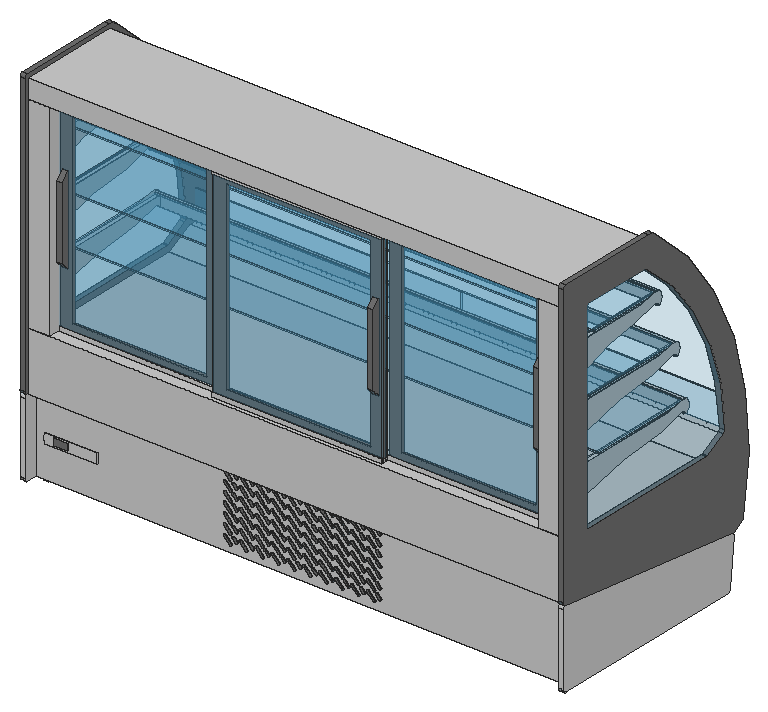
Revit family "QF_INFRICO_VBR18DS_250814024348", category Specialty Equipment, Revit 2021
Family settings
  Round Connector Dimension = Use Diameter
  Part Type = Normal
  OmniClass Number = 23.40.40.14
  OmniClass Title = Food Service Equipment
  Work Plane-Based = No
  Always vertical = Yes
  Cut with Voids When Loaded = No
  Shared = No
  Room Calculation Point = No
Parameters (values of type "VBR18DS")
  Weight [instance] = 0.00 kg
  Warranty Start Date [instance] = ""
  Warranty Duration [instance] = ""
  Volts [instance] = 230 V
  Volt Free Conn [instance] = no
  URL Recommended Spares List [instance] = ""
  URL Manufacturer [instance] = ""
  URL Cutsheet [instance] = ""
  URL Critical Spares List [instance] = ""
  URL = "www.infrico.com"
  Technical Documentation [instance] = ""
  Tag Number [instance] = ""
  Status [instance] = ""
  Start Up Current [instance] = 0 A
  Specification by User [instance] = ""
  Specification by Manufacturer [instance] = ""
  Sound Level [instance] = ""
  Show Logo [instance] = yes
  Show Clearances [instance] = yes
  Service Life Duration [instance] = ""
  Serial Number [instance] = ""
  Seismic Rating [instance] = ""
  SMACNA No [instance] = ""
  Revision Code [instance] = ""
  Revision [instance] = ""
  Production Year [instance] = ""
  Potential Equalisation [instance] = no
  Point Load [instance] = 0
  Phase [instance] = 1
  Other Equipment Approvals [instance] = ""
  Operational Current [instance] = 0 A
  Number of Poles [instance] = 2
  No Load Power Draw [instance] = no
  NAFEM Spec ID Number [instance] = ""
  Model Warning [instance] = ""
  Model = "VBR18DS"
  Min Ckt Ampacity [instance] = 0 A
  Max Overcurrent Protection [instance] = 0 A
  Masterspec [instance] = ""
  Manufacturer = "INFRICO"
  Main switch integrated [instance] = no
  Length Actual [instance] = 1875.028 mm
  Item Number [instance] = ""
  Installed By [instance] = ""
  Installation Date [instance] = ""
  Identify Quantity as Lot [instance] = no
  ID [instance] = ""
  Hygiene Approval [instance] = ""
  Height Actual [instance] = 1299.972 mm
  HP power [instance] = ""
  Furnished By [instance] = ""
  Foodservice Equipment Identifier [instance] = no
  FL Amps [instance] = 0 A
  Electrical Remarks [instance] = ""
  Electric power [instance] = 1640 W
  Electric Connection Type [instance] = ""
  Elec Conn RI Height [instance] = 0 mm
  Elec Conn Connection Height [instance] = 0 mm
  ETL Approved [instance] = no
  Description = "AMBAR SERIES - DOUBLE SERVICE PASTRY DISPLAY CASE - R452"
  Depth Actual [instance] = 810.006 mm
  Default Elevation = 0 mm
  Cycle [instance] = 50 Hz
  Cost = 0
  Connection to energy optimisation system [instance] = yes
  Conn Plug [instance] = ""
  Conn Conduit [instance] = no
  Centralized building control system with digital interface [instance] = ""
  CSI MasterFormat [instance] = ""
  CE Approved [instance] = no
  Barcode [instance] = 0
  Author [instance] = ""
  Asset Identifier [instance] = ""
  Apparent Power [instance] = 1640 VA
  Accessory [instance] = no
Reference planes
  plane 1 "Center (Front/Back)": y = 0
  plane 2: z = 0
  plane 3 "Center (Left/Right)": x = 0
Forms (mm)
  Extrusion 1, solid, not visible
    sketch origin (0, 0, 2) x (1, 0, 0) y (0, 1, 0)
      loop
        line (-2, 2) -> (-2, -2) -> (2, -2) -> (2, 2) -> (-2, 2)
    from -2 to 2
Dimensions and locks
  locked: nested 2 to Extrusion 1 at 2  (x2)
  aligned and locked: level to plane 2
Nested families
  nested 1: "QF_INFRICO_VBR18DS_2920" at (0, 0, 0), type "VBR18DS"
    with Weight 0.00 kg, Warranty Start Date "", Warranty Duration "", URL Cutsheet "", Technical Documentation "", Tag Number "", Status "", Specification by User "", Specification by Manufacturer "", Sound Level "", Solid Fuel Type "", Show Logo yes, Show Clearances yes, Show Clearance yes, Service Life Duration "", Serial Number "", Seismic Rating "", SMACNA No "", Revision Code "", Revision "", Production Year "", Point Load 0, Other Equipment Approvals "", NAFEM Spec ID Number "", Model Warning "", Masterspec "", Length Actual 1875.028 mm, Item Number "", Installed By "", Installation Date "", Identify Quantity as Lot yes, ID "", Hygiene Approval "", Height Actual 1299.972 mm, Furnished By "", Foodservice Equipment Identifier yes, Finish none, ETL Approved yes, Depth Actual 810.006 mm, CSI MasterFormat "", CE Approved no, Barcode "", Author "", Asset Identifier "", Accessory no
  nested 2: "CONN_POINT_ELE_2D___Generic_Annotation" at (0, 0, 0), type "CONN_POINT_ELE_2D___Generic_Annotation"
    with Onboard connection annotation symbol visibility yes
Connectors
  electrical at (0, 0, 0), driven by "Apparent Power", driven by "Number of Poles", driven by "Volts"
    settings: on Extrusion 1, index 1, voltage 230 V, apparent load 0 VA, apparent load phase1 1640 VA, apparent load phase2 0 VA, apparent load phase3 0 VA, power factor 1, load classification "Other", number of poles 2, system type 31, power factor state 1, is connector primary yes, connector utility no, sub classification motor no, connector description "Electrical connection for VBR18DS"
Definition of nested family "QF_INFRICO_VBR18DS_2920"
  Parameters (values of type "VBR18DS")
    Weight [instance] = 0.00 kg
    Warranty Start Date [instance] = ""
    Warranty Duration [instance] = ""
    URL Cutsheet [instance] = ""
    URL = "www.infrico.com"
    Technical Documentation [instance] = ""
    Tag Number [instance] = ""
    Status [instance] = ""
    Specification by User [instance] = ""
    Specification by Manufacturer [instance] = ""
    Sound Level [instance] = ""
    Solid Fuel Type [instance] = ""
    Show Logo [instance] = yes
    Show Clearances [instance] = yes
    Show Clearance [instance] = yes
    Service Life Duration [instance] = ""
    Serial Number [instance] = ""
    Seismic Rating [instance] = ""
    SMACNA No [instance] = ""
    Revision Code [instance] = ""
    Revision [instance] = ""
    Production Year [instance] = ""
    Point Load [instance] = 0
    Other Equipment Approvals [instance] = ""
    NAFEM Spec ID Number [instance] = ""
    Model Warning [instance] = ""
    Model = "VBR18DS"
    Masterspec [instance] = ""
    Manufacturer = "INFRICO"
    Length Actual [instance] = 0 mm
    Item Number [instance] = ""
    Installed By [instance] = ""
    Installation Date [instance] = ""
    Identify Quantity as Lot [instance] = yes
    ID [instance] = ""
    Hygiene Approval [instance] = ""
    Height Actual [instance] = 0 mm
    Furnished By [instance] = ""
    Foodservice Equipment Identifier [instance] = yes
    Finish [instance] = none
    ETL Approved [instance] = yes
    Description = "AMBAR SERIES - DOUBLE SERVICE PASTRY DISPLAY CASE - R452"
    Depth Actual [instance] = 0 mm
    Default Elevation = 0 mm
    CSI MasterFormat [instance] = ""
    CE Approved [instance] = yes
    Barcode [instance] = ""
    Author [instance] = ""
    Asset Identifier [instance] = ""
    Assembly Code = "E1090320"
    Accessory [instance] = yes
  Reference planes
    plane 1 "Back": y = 0
    plane 2: z = 0
    plane 3 "Left": x = 0
    plane 4 "Right": x = 1875
    plane 5 "Front": y = -810
    plane 6 "Top": z = 1300
  Forms (mm)
    Extrusion 1, solid
      sketch origin (-18, -810.003, 0) x (0, -1, 0) y (0, 0, -1)
        loop
          line (-100, -1190) -> (-100, -498)
          arc (-100, -498) -> (-102.929, -490.929) -> (-110, -488) r 10
          line (-110, -488) -> (-627, -488)
          arc (-627, -488) -> (-629.55, -488.252) -> (-632, -489) r 13
          line (-632, -489) -> (-702, -529)
          arc (-702, -529) -> (-705.756, -532.802) -> (-707, -538) r 9.937
          arc (-707, -538) -> (-606.573, -907.925) -> (-356, -1198) r 864.001
          arc (-356, -1198) -> (-353.158, -1199.473) -> (-350, -1200) r 10.273
          line (-350, -1200) -> (-110, -1200)
          arc (-110, -1200) -> (-102.929, -1197.071) -> (-100, -1190) r 10
      from 0 to 18
    Extrusion 2, solid
      sketch origin (-18, -810.003, 0) x (0, -1, 0) y (0, 0, -1)
        loop
          arc (-110, -1200) -> (-102.929, -1197.071) -> (-100, -1190) r 10
          line (-100, -1190) -> (-100, -498)
          arc (-100, -498) -> (-102.929, -490.929) -> (-110, -488) r 10
          line (-110, -488) -> (-627, -488)
          arc (-627, -488) -> (-629.55, -488.252) -> (-632, -489) r 13
          line (-632, -489) -> (-702, -529)
          arc (-702, -529) -> (-705.756, -532.802) -> (-707, -538) r 9.937
          arc (-707, -538) -> (-606.573, -907.925) -> (-356, -1198) r 864.001
          arc (-356, -1198) -> (-353.158, -1199.473) -> (-350, -1200) r 10.273
          line (-350, -1200) -> (-110, -1200)
        loop
          arc (-739, -197) -> (-742.074, -197.055) -> (-745, -198) r 10.476
          line (-745, -198) -> (-782, -219)
          arc (-782, -219) -> (-785.127, -222.608) -> (-787, -227) r 15.422
          arc (-787, -227) -> (-745, -815.202) -> (-398, -1292) r 1070.947
          arc (-398, -1292) -> (-385.08, -1297.958) -> (-371, -1300) r 49.563
          line (-371, -1300) -> (-10, -1300)
          arc (-10, -1300) -> (-2.929, -1297.071) -> (0, -1290) r 10
          line (0, -1290) -> (0, -302)
          arc (0, -302) -> (-2.651, -295.335) -> (-9, -292) r 10.337
          line (-9, -292) -> (-739, -197)
      from 0 to 18
    Extrusion 3, solid
      sketch origin (1875, -810.003, 0) x (0, -1, 0) y (0, 0, -1)
        loop
          line (-100, -1190) -> (-100, -498)
          arc (-100, -498) -> (-102.929, -490.929) -> (-110, -488) r 10
          line (-110, -488) -> (-627, -488)
          arc (-627, -488) -> (-629.55, -488.252) -> (-632, -489) r 13
          line (-632, -489) -> (-702, -529)
          arc (-702, -529) -> (-705.756, -532.802) -> (-707, -538) r 9.937
          arc (-707, -538) -> (-606.573, -907.925) -> (-356, -1198) r 864.001
          arc (-356, -1198) -> (-353.158, -1199.473) -> (-350, -1200) r 10.273
          line (-350, -1200) -> (-110, -1200)
          arc (-110, -1200) -> (-102.929, -1197.071) -> (-100, -1190) r 10
      from 0 to 18
    Extrusion 4, solid
      sketch origin (1875, -810.003, 0) x (0, -1, 0) y (0, 0, -1)
        loop
          arc (-110, -1200) -> (-102.929, -1197.071) -> (-100, -1190) r 10
          line (-100, -1190) -> (-100, -498)
          arc (-100, -498) -> (-102.929, -490.929) -> (-110, -488) r 10
          line (-110, -488) -> (-627, -488)
          arc (-627, -488) -> (-629.55, -488.252) -> (-632, -489) r 13
          line (-632, -489) -> (-702, -529)
          arc (-702, -529) -> (-705.756, -532.802) -> (-707, -538) r 9.937
          arc (-707, -538) -> (-606.573, -907.925) -> (-356, -1198) r 864.001
          arc (-356, -1198) -> (-353.158, -1199.473) -> (-350, -1200) r 10.273
          line (-350, -1200) -> (-110, -1200)
        loop
          arc (-739, -197) -> (-742.074, -197.055) -> (-745, -198) r 10.476
          line (-745, -198) -> (-782, -219)
          arc (-782, -219) -> (-785.127, -222.608) -> (-787, -227) r 15.422
          arc (-787, -227) -> (-745, -815.202) -> (-398, -1292) r 1070.947
          arc (-398, -1292) -> (-385.08, -1297.958) -> (-371, -1300) r 49.563
          line (-371, -1300) -> (-10, -1300)
          arc (-10, -1300) -> (-2.929, -1297.071) -> (0, -1290) r 10
          line (0, -1290) -> (0, -302)
          arc (0, -302) -> (-2.651, -295.335) -> (-9, -292) r 10.337
          line (-9, -292) -> (-739, -197)
      from 0 to 18
    Extrusion 5, solid, material <- "Finish"
      sketch origin (0, -810.003, -1) x (0, -1, 0) y (0, 0, -1)
        loop
          line (-739, -198) -> (-9, -293)
          arc (-9, -293) -> (-2.391, -289.898) -> (0, -283) r 9.392
          line (0, -283) -> (0, -29)
          arc (0, -29) -> (-2.929, -21.929) -> (-10, -19) r 10
          line (-10, -19) -> (-718, -19)
          arc (-718, -19) -> (-725.332, -22.2) -> (-727.972, -29.752) r 10
          line (-727.972, -29.752) -> (-746, -188)
          arc (-746, -188) -> (-744.394, -194.326) -> (-739, -198) r 9.212
      from -18 to 0
    Extrusion 6, solid, material <- "Finish"
      sketch origin (1893, -810.003, -1) x (0, -1, 0) y (0, 0, -1)
        loop
          line (-739, -198) -> (-9, -293)
          arc (-9, -293) -> (-2.391, -289.898) -> (0, -283) r 9.392
          line (0, -283) -> (0, -29)
          arc (0, -29) -> (-2.929, -21.929) -> (-10, -19) r 10
          line (-10, -19) -> (-718, -19)
          arc (-718, -19) -> (-725.332, -22.2) -> (-727.972, -29.752) r 10
          line (-727.972, -29.752) -> (-746, -188)
          arc (-746, -188) -> (-744.394, -194.326) -> (-739, -198) r 9.212
      from -18 to 0
    Extrusion 7, solid
      sketch origin (0, -750.003, 9) x (1, 0, 0) y (0, 1, 0)
        loop
          line (0, -0.02) -> (40, -0.02) -> (40, 39.98) -> (0, 39.98) -> (0, -0.02)
      from 0 to 9
    Extrusion 8, solid
      sketch origin (0, -170.003, 9) x (1, 0, 0) y (0, 1, 0)
        loop
          line (0, -0.02) -> (40, -0.02) -> (40, 39.98) -> (0, 39.98) -> (0, -0.02)
      from 0 to 9
    Extrusion 9, solid
      sketch origin (-898.549, 112.977, 0) x (-1, 0, 0) y (0, -1, 0)
        loop
          line (-903.549, 843) -> (-911.049, 855.99) -> (-926.049, 855.99) -> (-933.549, 843) -> (-926.049, 830.01) -> (-911.049, 830.01) -> (-903.549, 843)
      from 0 to 9
    Extrusion 10, solid
      sketch origin (-898.549, 692.977, 0) x (-1, 0, 0) y (0, -1, 0)
        loop
          line (-903.549, 843) -> (-911.049, 855.99) -> (-926.049, 855.99) -> (-933.549, 843) -> (-926.049, 830.01) -> (-911.049, 830.01) -> (-903.549, 843)
      from 0 to 9
    Extrusion 11, solid
      sketch origin (1835, -750.003, 9) x (1, 0, 0) y (0, 1, 0)
        loop
          line (0, -0.02) -> (40, -0.02) -> (40, 39.98) -> (0, 39.98) -> (0, -0.02)
      from 0 to 9
    Extrusion 12, solid
      sketch origin (1835, -170.003, 9) x (1, 0, 0) y (0, 1, 0)
        loop
          line (0, -0.02) -> (40, -0.02) -> (40, 39.98) -> (0, 39.98) -> (0, -0.02)
      from 0 to 9
    Extrusion 13, solid
      sketch origin (936.451, 112.977, 0) x (-1, 0, 0) y (0, -1, 0)
        loop
          line (-903.549, 843) -> (-911.049, 855.99) -> (-926.049, 855.99) -> (-933.549, 843) -> (-926.049, 830.01) -> (-911.049, 830.01) -> (-903.549, 843)
      from 0 to 9
    Extrusion 14, solid
      sketch origin (936.451, 692.977, 0) x (-1, 0, 0) y (0, -1, 0)
        loop
          line (-903.549, 843) -> (-911.049, 855.99) -> (-926.049, 855.99) -> (-933.549, 843) -> (-926.049, 830.01) -> (-911.049, 830.01) -> (-903.549, 843)
      from 0 to 9
    Extrusion 15, solid
      sketch origin (0, -810.003, 0) x (0, -1, 0) y (0, 0, -1)
        loop
          line (-59.98, -18) -> (-679.98, -18) -> (-679.98, -293) -> (-59.98, -293) -> (-59.98, -18)
      from 0 to 40
    Extrusion 16, solid
      sketch origin (1835, -810.003, 0) x (0, -1, 0) y (0, 0, -1)
        loop
          line (-59.98, -18) -> (-679.98, -18) -> (-679.98, -293) -> (-59.98, -293) -> (-59.98, -18)
      from 0 to 40
    Extrusion 17, solid
      sketch origin (0, -810.003, 0) x (0, -1, 0) y (0, 0, -1)
        loop
          line (-59.98, -18) -> (-59.98, -293) -> (-44.98, -293) -> (-44.98, -18) -> (-59.98, -18)
      from 0 to 1875
    Extrusion 18, solid
      sketch origin (0, -810.003, 0) x (0, -1, 0) y (0, 0, -1)
        loop
          line (-679.98, -278) -> (-679.98, -38) -> (-719.98, -38) -> (-719.98, -278) -> (-679.98, -278)
      from 0 to 40
    Extrusion 19, solid
      sketch origin (1835, -810.003, 0) x (0, -1, 0) y (0, 0, -1)
        loop
          line (-679.98, -278) -> (-679.98, -38) -> (-719.98, -38) -> (-719.98, -278) -> (-679.98, -278)
      from 0 to 40
    Extrusion 20, solid
      sketch origin (0, -810.003, 0) x (0, -1, 0) y (0, 0, -1)
        loop
          line (-9.98, -293) -> (-759.98, -293) -> (-759.98, -471) -> (-747.98, -471) -> (-747.98, -448) -> (-70.98, -448) -> (-70.98, -502) -> (-9.98, -502) -> (-9.98, -293)
      from 0 to 1875
    Extrusion 21, solid
      sketch origin (0, -810.003, 0) x (0, -1, 0) y (0, 0, -1)
        loop
          line (-747.98, -471) -> (-741.98, -471) -> (-741.98, -515) -> (-719.98, -515) -> (-628.98, -468) -> (-628.98, -448) -> (-630.98, -448) -> (-630.98, -466.782) -> (-720.466, -513) -> (-739.98, -513) -> (-739.98, -469) -> (-747.98, -469) -> (-747.98, -471)
      from 0 to 1875
    Extrusion 22, solid
      sketch origin (0, -810.003, 0) x (0, -1, 0) y (0, 0, -1)
        loop
          line (-626.98, -448) -> (-626.98, -469) -> (-121.98, -469) -> (-121.98, -448) -> (-626.98, -448)
      from 0 to 1875
    Extrusion 23, solid
      sketch origin (0, -810.003, 0) x (0, -1, 0) y (0, 0, -1)
        loop
          line (-110.98, -448) -> (-110.98, -1222) -> (-70.98, -1222) -> (-70.98, -448) -> (-110.98, -448)
      from 0 to 50
    Extrusion 24, solid
      sketch origin (1825, -810.003, 0) x (0, -1, 0) y (0, 0, -1)
        loop
          line (-110.98, -448) -> (-110.98, -1222) -> (-70.98, -1222) -> (-70.98, -448) -> (-110.98, -448)
      from 0 to 50
    Extrusion 25, solid
      sketch origin (0, -810.003, 0) x (0, -1, 0) y (0, 0, -1)
        loop
          line (-9.98, -502) -> (-70.98, -502) -> (-70.98, -1222) -> (-9.98, -1222) -> (-9.98, -502)
      from 0 to 78
    Extrusion 26, solid
      sketch origin (1797, -810.003, 0) x (0, -1, 0) y (0, 0, -1)
        loop
          line (-9.98, -502) -> (-70.98, -502) -> (-70.98, -1222) -> (-9.98, -1222) -> (-9.98, -502)
      from 0 to 78
    Extrusion 27, solid
      sketch origin (0, -810.003, 0) x (0, -1, 0) y (0, 0, -1)
        loop
          line (-9.98, -1288) -> (-9.98, -1222) -> (-288.98, -1222) -> (-288.98, -1276) -> (-353.98, -1276) -> (-353.98, -1260.029) -> (-372.98, -1241.029) -> (-372.98, -1229) -> (-354.98, -1229) -> (-354.98, -1217) -> (-384.98, -1217) -> (-384.98, -1246) -> (-365.98, -1265) -> (-365.98, -1288) -> (-9.98, -1288)
      from 0 to 1875
    Extrusion 28, solid
      sketch origin (0, -810.003, 0) x (0, -1, 0) y (0, 0, -1)
        loop
          line (-741.98, -471) -> (-747.98, -471) -> (-747.98, -621) -> (-741.98, -621) -> (-741.98, -471)
      from 0 to 937.5
    Extrusion 29, solid
      sketch origin (747, -705.936, 48.526) x (0, -1, 0) y (0, 0, -1)
        loop
          line (80.087, -1157.474) -> (80.087, -1163.474) -> (62.087, -1163.474) -> (62.087, -1157.474) -> (59.087, -1157.474) -> (59.087, -1173.474) -> (62.087, -1173.474) -> (62.087, -1166.474) -> (68.087, -1166.474) -> (68.087, -1173.474) -> (74.087, -1173.474) -> (74.087, -1166.474) -> (80.087, -1166.474) -> (80.087, -1173.474) -> (83.087, -1173.474) -> (83.087, -1157.474) -> (80.087, -1157.474)
      from -107 to 488
    Extrusion 30, solid
      sketch origin (747, -705.936, 48.526) x (0, -1, 0) y (0, 0, -1)
        loop
          line (80.087, -1163.474) -> (80.087, -463.474) -> (75.087, -463.474) -> (75.087, -1163.474) -> (80.087, -1163.474)
      from -107 to 488
    Extrusion 31, solid
      sketch origin (747, -692.936, 48.526) x (0, -1, 0) y (0, 0, -1)
        loop
          line (80.087, -1163.474) -> (80.087, -463.474) -> (75.087, -463.474) -> (75.087, -1163.474) -> (80.087, -1163.474)
      from -107 to 488
    Extrusion 32, solid
      sketch origin (1747, -705.936, 48.526) x (1, 0, 0) y (0, 0, -1)
        loop
          line (-1107, -1163.474) -> (-512, -1163.474) -> (-512, -463.474) -> (-1107, -463.474) -> (-1107, -1163.474)
        loop
          line (-557, -488.474) -> (-1062, -488.474) -> (-1062, -1138.474) -> (-557, -1138.474) -> (-557, -488.474)
      from -75.087 to -67.087
    Extrusion 33, solid
      sketch origin (78, -679.936, 48.526) x (0, -1, 0) y (0, 0, -1)
        loop
          line (80.087, -1157.474) -> (80.087, -1163.474) -> (62.087, -1163.474) -> (62.087, -1157.474) -> (59.087, -1157.474) -> (59.087, -1173.474) -> (62.087, -1173.474) -> (62.087, -1166.474) -> (68.087, -1166.474) -> (68.087, -1173.474) -> (74.087, -1173.474) -> (74.087, -1166.474) -> (80.087, -1166.474) -> (80.087, -1173.474) -> (83.087, -1173.474) -> (83.087, -1157.474) -> (80.087, -1157.474)
      from 0 to 562
    Extrusion 34, solid
      sketch origin (78, -679.936, 48.526) x (0, -1, 0) y (0, 0, -1)
        loop
          line (80.087, -1163.474) -> (80.087, -463.474) -> (75.087, -463.474) -> (75.087, -1163.474) -> (80.087, -1163.474)
      from 0 to 562
    Extrusion 35, solid
      sketch origin (78, -666.936, 48.526) x (0, -1, 0) y (0, 0, -1)
        loop
          line (80.087, -1163.474) -> (80.087, -463.474) -> (75.087, -463.474) -> (75.087, -1163.474) -> (80.087, -1163.474)
      from 0 to 562
    Extrusion 36, solid
      sketch origin (1078, -679.936, 48.526) x (1, 0, 0) y (0, 0, -1)
        loop
          line (-1000, -1163.474) -> (-438, -1163.474) -> (-438, -463.474) -> (-1000, -463.474) -> (-1000, -1163.474)
        loop
          line (-483, -488.474) -> (-955, -488.474) -> (-955, -1138.474) -> (-483, -1138.474) -> (-483, -488.474)
      from -75.087 to -67.087
    Extrusion 37, solid
      sketch origin (732, -705.936, 1675.474) x (0, -1, 0) y (0, 0, -1)
        loop
          line (80.087, 1157.474) -> (83.087, 1157.474) -> (83.087, 1173.474) -> (80.087, 1173.474) -> (80.087, 1166.474) -> (74.087, 1166.474) -> (74.087, 1173.474) -> (68.087, 1173.474) -> (68.087, 1166.474) -> (62.087, 1166.474) -> (62.087, 1173.474) -> (59.087, 1173.474) -> (59.087, 1157.474) -> (62.087, 1157.474) -> (62.087, 1163.474) -> (80.087, 1163.474) -> (80.087, 1157.474)
      from -92 to 503
    Extrusion 38, solid
      sketch origin (78, -679.936, 1675.474) x (0, -1, 0) y (0, 0, -1)
        loop
          line (80.087, 1157.474) -> (83.087, 1157.474) -> (83.087, 1173.474) -> (80.087, 1173.474) -> (80.087, 1166.474) -> (74.087, 1166.474) -> (74.087, 1173.474) -> (68.087, 1173.474) -> (68.087, 1166.474) -> (62.087, 1166.474) -> (62.087, 1173.474) -> (59.087, 1173.474) -> (59.087, 1157.474) -> (62.087, 1157.474) -> (62.087, 1163.474) -> (80.087, 1163.474) -> (80.087, 1157.474)
      from 0 to 562
    Extrusion 39, solid
      sketch origin (-510, -1507.887, 385.642) x (0, -0.939923, 0.341387) y (0, -0.341387, -0.939923)
        loop
          line (-1441.281, -155.749) -> (-1438.55, -163.269) -> (-1412.756, -181.562) -> (-1410.024, -189.081) -> (-1408.109, -188.385) -> (-1411.111, -180.118) -> (-1436.703, -162.496) -> (-1439.401, -155.067) -> (-1441.281, -155.749)
        loop
          line (-1423.188, -205.565) -> (-1420.457, -213.085) -> (-1394.662, -231.378) -> (-1391.931, -238.897) -> (-1390.015, -238.201) -> (-1393.018, -229.934) -> (-1418.61, -212.312) -> (-1421.308, -204.883) -> (-1423.188, -205.565)
        loop
          line (-1405.094, -255.381) -> (-1402.363, -262.901) -> (-1376.569, -281.194) -> (-1373.837, -288.713) -> (-1371.922, -288.017) -> (-1374.924, -279.75) -> (-1400.516, -262.128) -> (-1403.214, -254.698) -> (-1405.094, -255.381)
        loop
          line (-1387.001, -305.197) -> (-1384.27, -312.717) -> (-1358.475, -331.01) -> (-1355.744, -338.529) -> (-1353.828, -337.833) -> (-1356.831, -329.566) -> (-1382.423, -311.944) -> (-1385.121, -304.514) -> (-1387.001, -305.197)
      from 550 to 2345
    Extrusion 40, solid
      sketch origin (3, -810.003, 87) x (0, -1, 0) y (0, 0, -1)
        loop
          line (-110.98, -498) -> (-126.98, -498)
          arc (-126.98, -498) -> (-289.514, -532.928) -> (-454.98, -549) r 1448.355
          line (-454.98, -549) -> (-547.98, -574)
          arc (-547.98, -574) -> (-550.743, -573.659) -> (-552.98, -572) r 5.461
          line (-552.98, -572) -> (-560.98, -562)
          arc (-560.98, -562) -> (-563.98, -560.5) -> (-566.98, -562) r 3.75
          arc (-566.98, -562) -> (-573.98, -583) -> (-566.98, -604) r 35
          arc (-566.98, -604) -> (-565.216, -605.472) -> (-562.98, -606) r 5
          line (-562.98, -606) -> (-544.98, -606) -> (-487.98, -595) -> (-110.98, -595) -> (-110.98, -498)
      from 0 to 2
    Extrusion 41, solid
      sketch origin (3, -810.003, 283) x (0, -1, 0) y (0, 0, -1)
        loop
          line (-110.98, -498) -> (-126.98, -498)
          arc (-126.98, -498) -> (-269.288, -533.055) -> (-414.98, -549) r 1106.867
          line (-414.98, -549) -> (-507.98, -574)
          arc (-507.98, -574) -> (-510.743, -573.659) -> (-512.98, -572) r 5.461
          line (-512.98, -572) -> (-520.98, -562)
          arc (-520.98, -562) -> (-523.98, -560.5) -> (-526.98, -562) r 3.75
          arc (-526.98, -562) -> (-533.98, -583) -> (-526.98, -604) r 35
          arc (-526.98, -604) -> (-525.216, -605.472) -> (-522.98, -606) r 5
          line (-522.98, -606) -> (-504.98, -606) -> (-447.98, -595) -> (-110.98, -595) -> (-110.98, -498)
      from 0 to 2
    Extrusion 42, solid
      sketch origin (3, -810.003, 479) x (0, -1, 0) y (0, 0, -1)
        loop
          line (-110.98, -498) -> (-126.98, -498)
          arc (-126.98, -498) -> (-228.381, -534.099) -> (-334.98, -549) r 530.828
          line (-334.98, -549) -> (-427.98, -574)
          arc (-427.98, -574) -> (-430.743, -573.659) -> (-432.98, -572) r 5.461
          line (-432.98, -572) -> (-440.98, -562)
          arc (-440.98, -562) -> (-443.98, -560.5) -> (-446.98, -562) r 3.75
          arc (-446.98, -562) -> (-453.98, -583) -> (-446.98, -604) r 35
          arc (-446.98, -604) -> (-445.216, -605.472) -> (-442.98, -606) r 5
          line (-442.98, -606) -> (-424.98, -606) -> (-367.98, -595) -> (-110.98, -595) -> (-110.98, -498)
      from 0 to 2
    Extrusion 43, solid
      sketch origin (0, -810.003, 0) x (0, -1, 0) y (0, 0, -1)
        loop
          line (-183.98, -682) -> (-558.98, -682) -> (-558.98, -688) -> (-183.98, -688) -> (-183.98, -682)
      from 5 to 1870
    Extrusion 44, solid
      sketch origin (0, -850.003, 196) x (0, -1, 0) y (0, 0, -1)
        loop
          line (-183.98, -682) -> (-558.98, -682) -> (-558.98, -688) -> (-183.98, -688) -> (-183.98, -682)
      from 5 to 1870
    Extrusion 45, solid
      sketch origin (0, -830.003, 392) x (0, -1, 0) y (0, 0, -1)
        loop
          line (-183.98, -682) -> (-458.98, -682) -> (-458.98, -688) -> (-183.98, -688) -> (-183.98, -682)
      from 5 to 1870
    Extrusion 46, solid
      sketch origin (0, -810.003, 0) x (0, -1, 0) y (0, 0, -1)
        loop
          arc (-566.98, -691) -> (-565.216, -692.472) -> (-562.98, -693) r 5
          arc (-562.98, -693) -> (-561.498, -690.693) -> (-560.98, -688) r 7.25
          line (-560.98, -688) -> (-560.98, -649)
          arc (-560.98, -649) -> (-563.98, -647.5) -> (-566.98, -649) r 3.75
          arc (-566.98, -649) -> (-573.98, -670) -> (-566.98, -691) r 35
      from 5 to 1870
    Extrusion 47, solid
      sketch origin (0, -850.003, 196) x (0, -1, 0) y (0, 0, -1)
        loop
          arc (-566.98, -691) -> (-565.216, -692.472) -> (-562.98, -693) r 5
          arc (-562.98, -693) -> (-561.498, -690.693) -> (-560.98, -688) r 7.25
          line (-560.98, -688) -> (-560.98, -649)
          arc (-560.98, -649) -> (-563.98, -647.5) -> (-566.98, -649) r 3.75
          arc (-566.98, -649) -> (-573.98, -670) -> (-566.98, -691) r 35
      from 5 to 1870
    Extrusion 48, solid
      sketch origin (0, -930.003, 392) x (0, -1, 0) y (0, 0, -1)
        loop
          arc (-566.98, -691) -> (-565.216, -692.472) -> (-562.98, -693) r 5
          arc (-562.98, -693) -> (-561.498, -690.693) -> (-560.98, -688) r 7.25
          line (-560.98, -688) -> (-560.98, -649)
          arc (-560.98, -649) -> (-563.98, -647.5) -> (-566.98, -649) r 3.75
          arc (-566.98, -649) -> (-573.98, -670) -> (-566.98, -691) r 35
      from 5 to 1870
    Extrusion 49, solid
      sketch origin (21, -810.003, 479) x (0, -1, 0) y (0, 0, -1)
        loop
          line (-110.98, -498) -> (-126.98, -498)
          arc (-126.98, -498) -> (-228.381, -534.099) -> (-334.98, -549) r 530.828
          line (-334.98, -549) -> (-427.98, -574)
          arc (-427.98, -574) -> (-430.743, -573.659) -> (-432.98, -572) r 5.461
          line (-432.98, -572) -> (-440.98, -562) -> (-440.98, -595) -> (-110.98, -595) -> (-110.98, -498)
      from 0 to 2
    Extrusion 50, solid
      sketch origin (0, -810.003, 0) x (0, -1, 0) y (0, 0, -1)
        loop
          line (-110.98, -1074) -> (-110.98, -1072) -> (-440.98, -1072) -> (-440.98, -1074) -> (-110.98, -1074)
      from 5 to 21
    Extrusion 51, solid
      sketch origin (21, -810.003, 283) x (0, -1, 0) y (0, 0, -1)
        loop
          line (-110.98, -498) -> (-126.98, -498)
          arc (-126.98, -498) -> (-269.288, -533.055) -> (-414.98, -549) r 1106.867
          line (-414.98, -549) -> (-507.98, -574)
          arc (-507.98, -574) -> (-510.743, -573.659) -> (-512.98, -572) r 5.461
          line (-512.98, -572) -> (-520.98, -562) -> (-520.98, -595) -> (-110.98, -595) -> (-110.98, -498)
      from 0 to 2
    Extrusion 52, solid
      sketch origin (0, -810.003, -196) x (0, -1, 0) y (0, 0, -1)
        loop
          line (-110.98, -1074) -> (-110.98, -1072) -> (-520.98, -1072) -> (-520.98, -1074) -> (-110.98, -1074)
      from 5 to 21
    Extrusion 53, solid
      sketch origin (21, -810.003, 87) x (0, -1, 0) y (0, 0, -1)
        loop
          line (-110.98, -498) -> (-126.98, -498)
          arc (-126.98, -498) -> (-289.514, -532.928) -> (-454.98, -549) r 1448.355
          line (-454.98, -549) -> (-547.98, -574)
          arc (-547.98, -574) -> (-550.743, -573.659) -> (-552.98, -572) r 5.461
          line (-552.98, -572) -> (-560.98, -562) -> (-560.98, -595) -> (-110.98, -595) -> (-110.98, -498)
      from 0 to 2
    Extrusion 54, solid
      sketch origin (0, -810.003, -392) x (0, -1, 0) y (0, 0, -1)
        loop
          line (-110.98, -1074) -> (-110.98, -1072) -> (-560.98, -1072) -> (-560.98, -1074) -> (-110.98, -1074)
      from 5 to 21
    Extrusion 55, solid
      sketch origin (1872, -810.003, 87) x (0, -1, 0) y (0, 0, 1)
        loop
          line (-110.98, 498) -> (-110.98, 595) -> (-487.98, 595) -> (-544.98, 606) -> (-562.98, 606)
          arc (-562.98, 606) -> (-565.216, 605.472) -> (-566.98, 604) r 5
          arc (-566.98, 604) -> (-573.98, 583) -> (-566.98, 562) r 35
          arc (-566.98, 562) -> (-563.98, 560.5) -> (-560.98, 562) r 3.75
          line (-560.98, 562) -> (-552.98, 572)
          arc (-552.98, 572) -> (-550.743, 573.659) -> (-547.98, 574) r 5.461
          line (-547.98, 574) -> (-454.98, 549)
          arc (-454.98, 549) -> (-289.514, 532.928) -> (-126.98, 498) r 1448.355
          line (-126.98, 498) -> (-110.98, 498)
      from 0 to 2
    Extrusion 56, solid
      sketch origin (1872, -810.003, 283) x (0, -1, 0) y (0, 0, 1)
        loop
          line (-110.98, 498) -> (-110.98, 595) -> (-447.98, 595) -> (-504.98, 606) -> (-522.98, 606)
          arc (-522.98, 606) -> (-525.216, 605.472) -> (-526.98, 604) r 5
          arc (-526.98, 604) -> (-533.98, 583) -> (-526.98, 562) r 35
          arc (-526.98, 562) -> (-523.98, 560.5) -> (-520.98, 562) r 3.75
          line (-520.98, 562) -> (-512.98, 572)
          arc (-512.98, 572) -> (-510.743, 573.659) -> (-507.98, 574) r 5.461
          line (-507.98, 574) -> (-414.98, 549)
          arc (-414.98, 549) -> (-269.288, 533.055) -> (-126.98, 498) r 1106.867
          line (-126.98, 498) -> (-110.98, 498)
      from 0 to 2
    Extrusion 57, solid
      sketch origin (1872, -810.003, 479) x (0, -1, 0) y (0, 0, 1)
        loop
          line (-110.98, 498) -> (-110.98, 595) -> (-367.98, 595) -> (-424.98, 606) -> (-442.98, 606)
          arc (-442.98, 606) -> (-445.216, 605.472) -> (-446.98, 604) r 5
          arc (-446.98, 604) -> (-453.98, 583) -> (-446.98, 562) r 35
          arc (-446.98, 562) -> (-443.98, 560.5) -> (-440.98, 562) r 3.75
          line (-440.98, 562) -> (-432.98, 572)
          arc (-432.98, 572) -> (-430.743, 573.659) -> (-427.98, 574) r 5.461
          line (-427.98, 574) -> (-334.98, 549)
          arc (-334.98, 549) -> (-228.381, 534.099) -> (-126.98, 498) r 530.828
          line (-126.98, 498) -> (-110.98, 498)
      from 0 to 2
    Extrusion 58, solid
      sketch origin (1854, -810.003, 479) x (0, -1, 0) y (0, 0, 1)
        loop
          line (-110.98, 498) -> (-110.98, 595) -> (-440.98, 595) -> (-440.98, 562) -> (-432.98, 572)
          arc (-432.98, 572) -> (-430.743, 573.659) -> (-427.98, 574) r 5.461
          line (-427.98, 574) -> (-334.98, 549)
          arc (-334.98, 549) -> (-228.381, 534.099) -> (-126.98, 498) r 530.828
          line (-126.98, 498) -> (-110.98, 498)
      from 0 to 2
    Extrusion 59, solid
      sketch origin (1875, -810.003, 0) x (0, -1, 0) y (0, 0, 1)
        loop
          line (-110.98, 1074) -> (-440.98, 1074) -> (-440.98, 1072) -> (-110.98, 1072) -> (-110.98, 1074)
      from 5 to 21
    Extrusion 60, solid
      sketch origin (1854, -810.003, 283) x (0, -1, 0) y (0, 0, 1)
        loop
          line (-110.98, 498) -> (-110.98, 595) -> (-520.98, 595) -> (-520.98, 562) -> (-512.98, 572)
          arc (-512.98, 572) -> (-510.743, 573.659) -> (-507.98, 574) r 5.461
          line (-507.98, 574) -> (-414.98, 549)
          arc (-414.98, 549) -> (-269.288, 533.055) -> (-126.98, 498) r 1106.867
          line (-126.98, 498) -> (-110.98, 498)
      from 0 to 2
    Extrusion 61, solid
      sketch origin (1875, -810.003, -196) x (0, -1, 0) y (0, 0, 1)
        loop
          line (-110.98, 1074) -> (-520.98, 1074) -> (-520.98, 1072) -> (-110.98, 1072) -> (-110.98, 1074)
      from 5 to 21
    Extrusion 62, solid
      sketch origin (1854, -810.003, 87) x (0, -1, 0) y (0, 0, 1)
        loop
          line (-110.98, 498) -> (-110.98, 595) -> (-560.98, 595) -> (-560.98, 562) -> (-552.98, 572)
          arc (-552.98, 572) -> (-550.743, 573.659) -> (-547.98, 574) r 5.461
          line (-547.98, 574) -> (-454.98, 549)
          arc (-454.98, 549) -> (-289.514, 532.928) -> (-126.98, 498) r 1448.355
          line (-126.98, 498) -> (-110.98, 498)
      from 0 to 2
    Extrusion 63, solid
      sketch origin (1875, -810.003, -392) x (0, -1, 0) y (0, 0, 1)
        loop
          line (-110.98, 1074) -> (-560.98, 1074) -> (-560.98, 1072) -> (-110.98, 1072) -> (-110.98, 1074)
      from 5 to 21
    Extrusion 64, solid
      sketch origin (0, -810.003, 0) x (0, -1, 0) y (0, 0, -1)
        loop
          line (-59.98, -18) -> (-99.98, -18) -> (-99.98, -38) -> (-59.98, -38) -> (-59.98, -18)
      from 40 to 1835
    Extrusion 65, solid
      sketch origin (0, -230.003, 0) x (0, -1, 0) y (0, 0, -1)
        loop
          line (-59.98, -18) -> (-99.98, -18) -> (-99.98, -38) -> (-59.98, -38) -> (-59.98, -18)
      from 40 to 1835
    Extrusion 66, solid, material <- "Finish"
      sketch origin (0, -810.003, 0) x (0, -1, 0) y (0, 0, -1)
        loop
          line (-769.98, -438) -> (-759.945, -218.229) -> (-778.925, -217.362) -> (-788.96, -437.133) -> (-769.98, -438)
      from 0 to 1875
    Extrusion 67, solid
      sketch origin (0, -810.003, 0) x (0, -1, 0) y (0, 0, -1)
        loop
          line (-747.98, -471) -> (-759.98, -471) -> (-789.173, -441.806) -> (-788.489, -426.822) -> (-790.487, -426.731) -> (-791.212, -442.597) -> (-760.808, -473) -> (-747.98, -473) -> (-747.98, -471)
      from 0 to 1875
    Extrusion 68, solid
      sketch origin (1955.876, -765.123, -1.698) x (-1, 0, 0) y (0, 0, 1)
        loop
          line (1272.976, 42.364) -> (1294.896, 64.284)
          arc (1294.896, 64.284) -> (1294.896, 70.648) -> (1288.532, 70.648) r 4.5
          line (1288.532, 70.648) -> (1266.612, 48.728)
          arc (1266.612, 48.728) -> (1266.612, 42.364) -> (1272.976, 42.364) r 4.5
        loop
          line (1252.219, 55.335) -> (1263.532, 66.648)
          arc (1263.532, 66.648) -> (1263.532, 73.012) -> (1257.168, 73.012) r 4.5
          line (1257.168, 73.012) -> (1245.855, 61.698)
          arc (1245.855, 61.698) -> (1245.855, 55.335) -> (1252.219, 55.335) r 4.5
        loop
          line (1272.976, 76.364) -> (1294.896, 98.284)
          arc (1294.896, 98.284) -> (1294.896, 104.648) -> (1288.532, 104.648) r 4.5
          line (1288.532, 104.648) -> (1266.612, 82.728)
          arc (1266.612, 82.728) -> (1266.612, 76.364) -> (1272.976, 76.364) r 4.5
        loop
          line (1252.219, 89.335) -> (1263.532, 100.648)
          arc (1263.532, 100.648) -> (1263.532, 107.012) -> (1257.168, 107.012) r 4.5
          line (1257.168, 107.012) -> (1245.855, 95.698)
          arc (1245.855, 95.698) -> (1245.855, 89.335) -> (1252.219, 89.335) r 4.5
        loop
          line (1272.976, 110.364) -> (1294.896, 132.284)
          arc (1294.896, 132.284) -> (1294.896, 138.648) -> (1288.532, 138.648) r 4.5
          line (1288.532, 138.648) -> (1266.612, 116.728)
          arc (1266.612, 116.728) -> (1266.612, 110.364) -> (1272.976, 110.364) r 4.5
        loop
          line (1252.219, 123.335) -> (1263.532, 134.648)
          arc (1263.532, 134.648) -> (1263.532, 141.012) -> (1257.168, 141.012) r 4.5
          line (1257.168, 141.012) -> (1245.855, 129.698)
          arc (1245.855, 129.698) -> (1245.855, 123.335) -> (1252.219, 123.335) r 4.5
        loop
          line (1272.976, 144.364) -> (1294.896, 166.284)
          arc (1294.896, 166.284) -> (1294.896, 172.648) -> (1288.532, 172.648) r 4.5
          line (1288.532, 172.648) -> (1266.612, 150.728)
          arc (1266.612, 150.728) -> (1266.612, 144.364) -> (1272.976, 144.364) r 4.5
        loop
          line (1252.219, 157.335) -> (1263.532, 168.648)
          arc (1263.532, 168.648) -> (1263.532, 175.012) -> (1257.168, 175.012) r 4.5
          line (1257.168, 175.012) -> (1245.855, 163.698)
          arc (1245.855, 163.698) -> (1245.855, 157.335) -> (1252.219, 157.335) r 4.5
        loop
          line (1272.976, 178.364) -> (1294.896, 200.284)
          arc (1294.896, 200.284) -> (1294.896, 206.648) -> (1288.532, 206.648) r 4.5
          line (1288.532, 206.648) -> (1266.612, 184.728)
          arc (1266.612, 184.728) -> (1266.612, 178.364) -> (1272.976, 178.364) r 4.5
        loop
          line (1252.219, 191.335) -> (1263.532, 202.648)
          arc (1263.532, 202.648) -> (1263.532, 209.012) -> (1257.168, 209.012) r 4.5
          line (1257.168, 209.012) -> (1245.855, 197.698)
          arc (1245.855, 197.698) -> (1245.855, 191.335) -> (1252.219, 191.335) r 4.5
        loop
          line (1272.976, 212.364) -> (1294.896, 234.284)
          arc (1294.896, 234.284) -> (1294.896, 240.648) -> (1288.532, 240.648) r 4.5
          line (1288.532, 240.648) -> (1266.612, 218.728)
          arc (1266.612, 218.728) -> (1266.612, 212.364) -> (1272.976, 212.364) r 4.5
        loop
          line (1252.219, 225.335) -> (1263.532, 236.648)
          arc (1263.532, 236.648) -> (1263.532, 243.012) -> (1257.168, 243.012) r 4.5
          line (1257.168, 243.012) -> (1245.855, 231.698)
          arc (1245.855, 231.698) -> (1245.855, 225.335) -> (1252.219, 225.335) r 4.5
        loop
          line (1272.976, 246.364) -> (1294.896, 268.284)
          arc (1294.896, 268.284) -> (1294.896, 274.648) -> (1288.532, 274.648) r 4.5
          line (1288.532, 274.648) -> (1266.612, 252.728)
          arc (1266.612, 252.728) -> (1266.612, 246.364) -> (1272.976, 246.364) r 4.5
        loop
          line (1252.219, 259.335) -> (1263.532, 270.648)
          arc (1263.532, 270.648) -> (1263.532, 277.012) -> (1257.168, 277.012) r 4.5
          line (1257.168, 277.012) -> (1245.855, 265.698)
          arc (1245.855, 265.698) -> (1245.855, 259.335) -> (1252.219, 259.335) r 4.5
        loop
          line (1216.976, 42.364) -> (1238.896, 64.284)
          arc (1238.896, 64.284) -> (1238.896, 70.648) -> (1232.532, 70.648) r 4.5
          line (1232.532, 70.648) -> (1210.612, 48.728)
          arc (1210.612, 48.728) -> (1210.612, 42.364) -> (1216.976, 42.364) r 4.5
        loop
          line (1196.219, 55.335) -> (1207.532, 66.648)
          arc (1207.532, 66.648) -> (1207.532, 73.012) -> (1201.168, 73.012) r 4.5
          line (1201.168, 73.012) -> (1189.855, 61.698)
          arc (1189.855, 61.698) -> (1189.855, 55.335) -> (1196.219, 55.335) r 4.5
        loop
          line (1216.976, 76.364) -> (1238.896, 98.284)
          arc (1238.896, 98.284) -> (1238.896, 104.648) -> (1232.532, 104.648) r 4.5
          line (1232.532, 104.648) -> (1210.612, 82.728)
          arc (1210.612, 82.728) -> (1210.612, 76.364) -> (1216.976, 76.364) r 4.5
        loop
          line (1196.219, 89.335) -> (1207.532, 100.648)
          arc (1207.532, 100.648) -> (1207.532, 107.012) -> (1201.168, 107.012) r 4.5
          line (1201.168, 107.012) -> (1189.855, 95.698)
          arc (1189.855, 95.698) -> (1189.855, 89.335) -> (1196.219, 89.335) r 4.5
        loop
          line (1216.976, 110.364) -> (1238.896, 132.284)
          arc (1238.896, 132.284) -> (1238.896, 138.648) -> (1232.532, 138.648) r 4.5
          line (1232.532, 138.648) -> (1210.612, 116.728)
          arc (1210.612, 116.728) -> (1210.612, 110.364) -> (1216.976, 110.364) r 4.5
        loop
          line (1196.219, 123.335) -> (1207.532, 134.648)
          arc (1207.532, 134.648) -> (1207.532, 141.012) -> (1201.168, 141.012) r 4.5
          line (1201.168, 141.012) -> (1189.855, 129.698)
          arc (1189.855, 129.698) -> (1189.855, 123.335) -> (1196.219, 123.335) r 4.5
        loop
          line (1216.976, 144.364) -> (1238.896, 166.284)
          arc (1238.896, 166.284) -> (1238.896, 172.648) -> (1232.532, 172.648) r 4.5
          line (1232.532, 172.648) -> (1210.612, 150.728)
          arc (1210.612, 150.728) -> (1210.612, 144.364) -> (1216.976, 144.364) r 4.5
        loop
          line (1196.219, 157.335) -> (1207.532, 168.648)
          arc (1207.532, 168.648) -> (1207.532, 175.012) -> (1201.168, 175.012) r 4.5
          line (1201.168, 175.012) -> (1189.855, 163.698)
          arc (1189.855, 163.698) -> (1189.855, 157.335) -> (1196.219, 157.335) r 4.5
        loop
          line (1216.976, 178.364) -> (1238.896, 200.284)
          arc (1238.896, 200.284) -> (1238.896, 206.648) -> (1232.532, 206.648) r 4.5
          line (1232.532, 206.648) -> (1210.612, 184.728)
          arc (1210.612, 184.728) -> (1210.612, 178.364) -> (1216.976, 178.364) r 4.5
        loop
          line (1196.219, 191.335) -> (1207.532, 202.648)
          arc (1207.532, 202.648) -> (1207.532, 209.012) -> (1201.168, 209.012) r 4.5
          line (1201.168, 209.012) -> (1189.855, 197.698)
          arc (1189.855, 197.698) -> (1189.855, 191.335) -> (1196.219, 191.335) r 4.5
        loop
          line (1216.976, 212.364) -> (1238.896, 234.284)
          arc (1238.896, 234.284) -> (1238.896, 240.648) -> (1232.532, 240.648) r 4.5
          line (1232.532, 240.648) -> (1210.612, 218.728)
          arc (1210.612, 218.728) -> (1210.612, 212.364) -> (1216.976, 212.364) r 4.5
        loop
          line (1196.219, 225.335) -> (1207.532, 236.648)
          arc (1207.532, 236.648) -> (1207.532, 243.012) -> (1201.168, 243.012) r 4.5
          line (1201.168, 243.012) -> (1189.855, 231.698)
          arc (1189.855, 231.698) -> (1189.855, 225.335) -> (1196.219, 225.335) r 4.5
        loop
          line (1216.976, 246.364) -> (1238.896, 268.284)
          arc (1238.896, 268.284) -> (1238.896, 274.648) -> (1232.532, 274.648) r 4.5
          line (1232.532, 274.648) -> (1210.612, 252.728)
          arc (1210.612, 252.728) -> (1210.612, 246.364) -> (1216.976, 246.364) r 4.5
        loop
          line (1196.219, 259.335) -> (1207.532, 270.648)
          arc (1207.532, 270.648) -> (1207.532, 277.012) -> (1201.168, 277.012) r 4.5
          line (1201.168, 277.012) -> (1189.855, 265.698)
          arc (1189.855, 265.698) -> (1189.855, 259.335) -> (1196.219, 259.335) r 4.5
        loop
          line (1160.976, 42.364) -> (1182.896, 64.284)
          arc (1182.896, 64.284) -> (1182.896, 70.648) -> (1176.532, 70.648) r 4.5
          line (1176.532, 70.648) -> (1154.612, 48.728)
          arc (1154.612, 48.728) -> (1154.612, 42.364) -> (1160.976, 42.364) r 4.5
        loop
          line (1140.219, 55.335) -> (1151.532, 66.648)
          arc (1151.532, 66.648) -> (1151.532, 73.012) -> (1145.168, 73.012) r 4.5
          line (1145.168, 73.012) -> (1133.855, 61.698)
          arc (1133.855, 61.698) -> (1133.855, 55.335) -> (1140.219, 55.335) r 4.5
        loop
          line (1160.976, 76.364) -> (1182.896, 98.284)
          arc (1182.896, 98.284) -> (1182.896, 104.648) -> (1176.532, 104.648) r 4.5
          line (1176.532, 104.648) -> (1154.612, 82.728)
          arc (1154.612, 82.728) -> (1154.612, 76.364) -> (1160.976, 76.364) r 4.5
        loop
          line (1140.219, 89.335) -> (1151.532, 100.648)
          arc (1151.532, 100.648) -> (1151.532, 107.012) -> (1145.168, 107.012) r 4.5
          line (1145.168, 107.012) -> (1133.855, 95.698)
          arc (1133.855, 95.698) -> (1133.855, 89.335) -> (1140.219, 89.335) r 4.5
        loop
          line (1160.976, 110.364) -> (1182.896, 132.284)
          arc (1182.896, 132.284) -> (1182.896, 138.648) -> (1176.532, 138.648) r 4.5
          line (1176.532, 138.648) -> (1154.612, 116.728)
          arc (1154.612, 116.728) -> (1154.612, 110.364) -> (1160.976, 110.364) r 4.5
        loop
          line (1140.219, 123.335) -> (1151.532, 134.648)
          arc (1151.532, 134.648) -> (1151.532, 141.012) -> (1145.168, 141.012) r 4.5
          line (1145.168, 141.012) -> (1133.855, 129.698)
          arc (1133.855, 129.698) -> (1133.855, 123.335) -> (1140.219, 123.335) r 4.5
        loop
          line (1160.976, 144.364) -> (1182.896, 166.284)
          arc (1182.896, 166.284) -> (1182.896, 172.648) -> (1176.532, 172.648) r 4.5
          line (1176.532, 172.648) -> (1154.612, 150.728)
          arc (1154.612, 150.728) -> (1154.612, 144.364) -> (1160.976, 144.364) r 4.5
        loop
          line (1140.219, 157.335) -> (1151.532, 168.648)
          arc (1151.532, 168.648) -> (1151.532, 175.012) -> (1145.168, 175.012) r 4.5
          line (1145.168, 175.012) -> (1133.855, 163.698)
          arc (1133.855, 163.698) -> (1133.855, 157.335) -> (1140.219, 157.335) r 4.5
        loop
          line (1160.976, 178.364) -> (1182.896, 200.284)
          arc (1182.896, 200.284) -> (1182.896, 206.648) -> (1176.532, 206.648) r 4.5
          line (1176.532, 206.648) -> (1154.612, 184.728)
          arc (1154.612, 184.728) -> (1154.612, 178.364) -> (1160.976, 178.364) r 4.5
        loop
          line (1140.219, 191.335) -> (1151.532, 202.648)
          arc (1151.532, 202.648) -> (1151.532, 209.012) -> (1145.168, 209.012) r 4.5
          line (1145.168, 209.012) -> (1133.855, 197.698)
          arc (1133.855, 197.698) -> (1133.855, 191.335) -> (1140.219, 191.335) r 4.5
        loop
          line (1160.976, 212.364) -> (1182.896, 234.284)
          arc (1182.896, 234.284) -> (1182.896, 240.648) -> (1176.532, 240.648) r 4.5
          line (1176.532, 240.648) -> (1154.612, 218.728)
          arc (1154.612, 218.728) -> (1154.612, 212.364) -> (1160.976, 212.364) r 4.5
        loop
          line (1140.219, 225.335) -> (1151.532, 236.648)
          arc (1151.532, 236.648) -> (1151.532, 243.012) -> (1145.168, 243.012) r 4.5
          line (1145.168, 243.012) -> (1133.855, 231.698)
          arc (1133.855, 231.698) -> (1133.855, 225.335) -> (1140.219, 225.335) r 4.5
        loop
          line (1160.976, 246.364) -> (1182.896, 268.284)
          arc (1182.896, 268.284) -> (1182.896, 274.648) -> (1176.532, 274.648) r 4.5
          line (1176.532, 274.648) -> (1154.612, 252.728)
          arc (1154.612, 252.728) -> (1154.612, 246.364) -> (1160.976, 246.364) r 4.5
        loop
          line (1140.219, 259.335) -> (1151.532, 270.648)
          arc (1151.532, 270.648) -> (1151.532, 277.012) -> (1145.168, 277.012) r 4.5
          line (1145.168, 277.012) -> (1133.855, 265.698)
          arc (1133.855, 265.698) -> (1133.855, 259.335) -> (1140.219, 259.335) r 4.5
        loop
          line (1104.976, 42.364) -> (1126.896, 64.284)
          arc (1126.896, 64.284) -> (1126.896, 70.648) -> (1120.532, 70.648) r 4.5
          line (1120.532, 70.648) -> (1098.612, 48.728)
          arc (1098.612, 48.728) -> (1098.612, 42.364) -> (1104.976, 42.364) r 4.5
        loop
          line (1084.219, 55.335) -> (1095.532, 66.648)
          arc (1095.532, 66.648) -> (1095.532, 73.012) -> (1089.168, 73.012) r 4.5
          line (1089.168, 73.012) -> (1077.855, 61.698)
          arc (1077.855, 61.698) -> (1077.855, 55.335) -> (1084.219, 55.335) r 4.5
        loop
          line (1104.976, 76.364) -> (1126.896, 98.284)
          arc (1126.896, 98.284) -> (1126.896, 104.648) -> (1120.532, 104.648) r 4.5
          line (1120.532, 104.648) -> (1098.612, 82.728)
          arc (1098.612, 82.728) -> (1098.612, 76.364) -> (1104.976, 76.364) r 4.5
        loop
          line (1084.219, 89.335) -> (1095.532, 100.648)
          arc (1095.532, 100.648) -> (1095.532, 107.012) -> (1089.168, 107.012) r 4.5
          line (1089.168, 107.012) -> (1077.855, 95.698)
          arc (1077.855, 95.698) -> (1077.855, 89.335) -> (1084.219, 89.335) r 4.5
        loop
          line (1104.976, 110.364) -> (1126.896, 132.284)
          arc (1126.896, 132.284) -> (1126.896, 138.648) -> (1120.532, 138.648) r 4.5
          line (1120.532, 138.648) -> (1098.612, 116.728)
          arc (1098.612, 116.728) -> (1098.612, 110.364) -> (1104.976, 110.364) r 4.5
        loop
          line (1084.219, 123.335) -> (1095.532, 134.648)
          arc (1095.532, 134.648) -> (1095.532, 141.012) -> (1089.168, 141.012) r 4.5
          line (1089.168, 141.012) -> (1077.855, 129.698)
          arc (1077.855, 129.698) -> (1077.855, 123.335) -> (1084.219, 123.335) r 4.5
        loop
          line (1104.976, 144.364) -> (1126.896, 166.284)
          arc (1126.896, 166.284) -> (1126.896, 172.648) -> (1120.532, 172.648) r 4.5
          line (1120.532, 172.648) -> (1098.612, 150.728)
          arc (1098.612, 150.728) -> (1098.612, 144.364) -> (1104.976, 144.364) r 4.5
        loop
          line (1084.219, 157.335) -> (1095.532, 168.648)
          arc (1095.532, 168.648) -> (1095.532, 175.012) -> (1089.168, 175.012) r 4.5
          line (1089.168, 175.012) -> (1077.855, 163.698)
          arc (1077.855, 163.698) -> (1077.855, 157.335) -> (1084.219, 157.335) r 4.5
        loop
          line (1104.976, 178.364) -> (1126.896, 200.284)
          arc (1126.896, 200.284) -> (1126.896, 206.648) -> (1120.532, 206.648) r 4.5
          line (1120.532, 206.648) -> (1098.612, 184.728)
          arc (1098.612, 184.728) -> (1098.612, 178.364) -> (1104.976, 178.364) r 4.5
        loop
          line (1084.219, 191.335) -> (1095.532, 202.648)
          arc (1095.532, 202.648) -> (1095.532, 209.012) -> (1089.168, 209.012) r 4.5
          line (1089.168, 209.012) -> (1077.855, 197.698)
          arc (1077.855, 197.698) -> (1077.855, 191.335) -> (1084.219, 191.335) r 4.5
        loop
          line (1104.976, 212.364) -> (1126.896, 234.284)
          arc (1126.896, 234.284) -> (1126.896, 240.648) -> (1120.532, 240.648) r 4.5
          line (1120.532, 240.648) -> (1098.612, 218.728)
          arc (1098.612, 218.728) -> (1098.612, 212.364) -> (1104.976, 212.364) r 4.5
        loop
          line (1084.219, 225.335) -> (1095.532, 236.648)
          arc (1095.532, 236.648) -> (1095.532, 243.012) -> (1089.168, 243.012) r 4.5
          line (1089.168, 243.012) -> (1077.855, 231.698)
          arc (1077.855, 231.698) -> (1077.855, 225.335) -> (1084.219, 225.335) r 4.5
        loop
          line (1104.976, 246.364) -> (1126.896, 268.284)
          arc (1126.896, 268.284) -> (1126.896, 274.648) -> (1120.532, 274.648) r 4.5
          line (1120.532, 274.648) -> (1098.612, 252.728)
          arc (1098.612, 252.728) -> (1098.612, 246.364) -> (1104.976, 246.364) r 4.5
        loop
          line (1084.219, 259.335) -> (1095.532, 270.648)
          arc (1095.532, 270.648) -> (1095.532, 277.012) -> (1089.168, 277.012) r 4.5
          line (1089.168, 277.012) -> (1077.855, 265.698)
          arc (1077.855, 265.698) -> (1077.855, 259.335) -> (1084.219, 259.335) r 4.5
        loop
          line (1048.976, 42.364) -> (1070.896, 64.284)
          arc (1070.896, 64.284) -> (1070.896, 70.648) -> (1064.532, 70.648) r 4.5
          line (1064.532, 70.648) -> (1042.612, 48.728)
          arc (1042.612, 48.728) -> (1042.612, 42.364) -> (1048.976, 42.364) r 4.5
        loop
          line (1028.219, 55.335) -> (1039.532, 66.648)
          arc (1039.532, 66.648) -> (1039.532, 73.012) -> (1033.168, 73.012) r 4.5
          line (1033.168, 73.012) -> (1021.855, 61.698)
          arc (1021.855, 61.698) -> (1021.855, 55.335) -> (1028.219, 55.335) r 4.5
        loop
          line (1048.976, 76.364) -> (1070.896, 98.284)
          arc (1070.896, 98.284) -> (1070.896, 104.648) -> (1064.532, 104.648) r 4.5
          line (1064.532, 104.648) -> (1042.612, 82.728)
          arc (1042.612, 82.728) -> (1042.612, 76.364) -> (1048.976, 76.364) r 4.5
        loop
          line (1028.219, 89.335) -> (1039.532, 100.648)
          arc (1039.532, 100.648) -> (1039.532, 107.012) -> (1033.168, 107.012) r 4.5
          line (1033.168, 107.012) -> (1021.855, 95.698)
          arc (1021.855, 95.698) -> (1021.855, 89.335) -> (1028.219, 89.335) r 4.5
        loop
          line (1048.976, 110.364) -> (1070.896, 132.284)
          arc (1070.896, 132.284) -> (1070.896, 138.648) -> (1064.532, 138.648) r 4.5
          line (1064.532, 138.648) -> (1042.612, 116.728)
          arc (1042.612, 116.728) -> (1042.612, 110.364) -> (1048.976, 110.364) r 4.5
        loop
          line (1028.219, 123.335) -> (1039.532, 134.648)
          arc (1039.532, 134.648) -> (1039.532, 141.012) -> (1033.168, 141.012) r 4.5
          line (1033.168, 141.012) -> (1021.855, 129.698)
          arc (1021.855, 129.698) -> (1021.855, 123.335) -> (1028.219, 123.335) r 4.5
        loop
          line (1048.976, 144.364) -> (1070.896, 166.284)
          arc (1070.896, 166.284) -> (1070.896, 172.648) -> (1064.532, 172.648) r 4.5
          line (1064.532, 172.648) -> (1042.612, 150.728)
          arc (1042.612, 150.728) -> (1042.612, 144.364) -> (1048.976, 144.364) r 4.5
        loop
          line (1028.219, 157.335) -> (1039.532, 168.648)
          arc (1039.532, 168.648) -> (1039.532, 175.012) -> (1033.168, 175.012) r 4.5
          line (1033.168, 175.012) -> (1021.855, 163.698)
          arc (1021.855, 163.698) -> (1021.855, 157.335) -> (1028.219, 157.335) r 4.5
        loop
          line (1048.976, 178.364) -> (1070.896, 200.284)
          arc (1070.896, 200.284) -> (1070.896, 206.648) -> (1064.532, 206.648) r 4.5
          line (1064.532, 206.648) -> (1042.612, 184.728)
          arc (1042.612, 184.728) -> (1042.612, 178.364) -> (1048.976, 178.364) r 4.5
        loop
          line (1028.219, 191.335) -> (1039.532, 202.648)
          arc (1039.532, 202.648) -> (1039.532, 209.012) -> (1033.168, 209.012) r 4.5
          line (1033.168, 209.012) -> (1021.855, 197.698)
          arc (1021.855, 197.698) -> (1021.855, 191.335) -> (1028.219, 191.335) r 4.5
        loop
          line (1048.976, 212.364) -> (1070.896, 234.284)
          arc (1070.896, 234.284) -> (1070.896, 240.648) -> (1064.532, 240.648) r 4.5
          line (1064.532, 240.648) -> (1042.612, 218.728)
          arc (1042.612, 218.728) -> (1042.612, 212.364) -> (1048.976, 212.364) r 4.5
        loop
          line (1028.219, 225.335) -> (1039.532, 236.648)
          arc (1039.532, 236.648) -> (1039.532, 243.012) -> (1033.168, 243.012) r 4.5
          line (1033.168, 243.012) -> (1021.855, 231.698)
          arc (1021.855, 231.698) -> (1021.855, 225.335) -> (1028.219, 225.335) r 4.5
        loop
          line (1048.976, 246.364) -> (1070.896, 268.284)
          arc (1070.896, 268.284) -> (1070.896, 274.648) -> (1064.532, 274.648) r 4.5
          line (1064.532, 274.648) -> (1042.612, 252.728)
          arc (1042.612, 252.728) -> (1042.612, 246.364) -> (1048.976, 246.364) r 4.5
        loop
          line (1028.219, 259.335) -> (1039.532, 270.648)
          arc (1039.532, 270.648) -> (1039.532, 277.012) -> (1033.168, 277.012) r 4.5
          line (1033.168, 277.012) -> (1021.855, 265.698)
          arc (1021.855, 265.698) -> (1021.855, 259.335) -> (1028.219, 259.335) r 4.5
        loop
          line (992.976, 42.364) -> (1014.896, 64.284)
          arc (1014.896, 64.284) -> (1014.896, 70.648) -> (1008.532, 70.648) r 4.5
          line (1008.532, 70.648) -> (986.612, 48.728)
          arc (986.612, 48.728) -> (986.612, 42.364) -> (992.976, 42.364) r 4.5
        loop
          line (972.219, 55.335) -> (983.532, 66.648)
          arc (983.532, 66.648) -> (983.532, 73.012) -> (977.168, 73.012) r 4.5
          line (977.168, 73.012) -> (965.855, 61.698)
          arc (965.855, 61.698) -> (965.855, 55.335) -> (972.219, 55.335) r 4.5
        loop
          line (992.976, 76.364) -> (1014.896, 98.284)
          arc (1014.896, 98.284) -> (1014.896, 104.648) -> (1008.532, 104.648) r 4.5
          line (1008.532, 104.648) -> (986.612, 82.728)
          arc (986.612, 82.728) -> (986.612, 76.364) -> (992.976, 76.364) r 4.5
        loop
          line (972.219, 89.335) -> (983.532, 100.648)
          arc (983.532, 100.648) -> (983.532, 107.012) -> (977.168, 107.012) r 4.5
          line (977.168, 107.012) -> (965.855, 95.698)
          arc (965.855, 95.698) -> (965.855, 89.335) -> (972.219, 89.335) r 4.5
        loop
          line (992.976, 110.364) -> (1014.896, 132.284)
          arc (1014.896, 132.284) -> (1014.896, 138.648) -> (1008.532, 138.648) r 4.5
          line (1008.532, 138.648) -> (986.612, 116.728)
          arc (986.612, 116.728) -> (986.612, 110.364) -> (992.976, 110.364) r 4.5
        loop
          line (972.219, 123.335) -> (983.532, 134.648)
          arc (983.532, 134.648) -> (983.532, 141.012) -> (977.168, 141.012) r 4.5
          line (977.168, 141.012) -> (965.855, 129.698)
          arc (965.855, 129.698) -> (965.855, 123.335) -> (972.219, 123.335) r 4.5
        loop
          line (992.976, 144.364) -> (1014.896, 166.284)
          arc (1014.896, 166.284) -> (1014.896, 172.648) -> (1008.532, 172.648) r 4.5
          line (1008.532, 172.648) -> (986.612, 150.728)
          arc (986.612, 150.728) -> (986.612, 144.364) -> (992.976, 144.364) r 4.5
        loop
          line (972.219, 157.335) -> (983.532, 168.648)
          arc (983.532, 168.648) -> (983.532, 175.012) -> (977.168, 175.012) r 4.5
          line (977.168, 175.012) -> (965.855, 163.698)
          arc (965.855, 163.698) -> (965.855, 157.335) -> (972.219, 157.335) r 4.5
        loop
          line (992.976, 178.364) -> (1014.896, 200.284)
          arc (1014.896, 200.284) -> (1014.896, 206.648) -> (1008.532, 206.648) r 4.5
          line (1008.532, 206.648) -> (986.612, 184.728)
          arc (986.612, 184.728) -> (986.612, 178.364) -> (992.976, 178.364) r 4.5
        loop
          line (972.219, 191.335) -> (983.532, 202.648)
          arc (983.532, 202.648) -> (983.532, 209.012) -> (977.168, 209.012) r 4.5
          line (977.168, 209.012) -> (965.855, 197.698)
          arc (965.855, 197.698) -> (965.855, 191.335) -> (972.219, 191.335) r 4.5
        loop
          line (992.976, 212.364) -> (1014.896, 234.284)
          arc (1014.896, 234.284) -> (1014.896, 240.648) -> (1008.532, 240.648) r 4.5
          line (1008.532, 240.648) -> (986.612, 218.728)
          arc (986.612, 218.728) -> (986.612, 212.364) -> (992.976, 212.364) r 4.5
        loop
          line (972.219, 225.335) -> (983.532, 236.648)
          arc (983.532, 236.648) -> (983.532, 243.012) -> (977.168, 243.012) r 4.5
